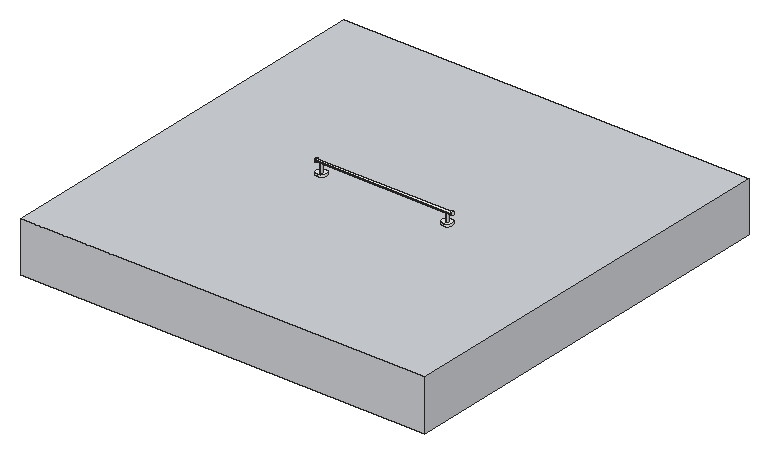
Revit family
Parameters
  URL = "http://caroma.com.au/bathrooms/bathroom-accessories/liano/liano-single-towel-rail"
  Rail Material = Caroma Chrome
  Model = "Liano Towel Rail - Single"
  Manufacturer = "Caroma"
  Description = "Guaranteed to meet the latest in interior design trends, the complete range of Liano accessories is fit for any style of bathroom. In line with the Liano tradition, the design philosophy is both clean and uncomplicated. With these simple clean lines and minimalist feel the Liano range of accessories will add timeless sophistication to you bathroom."
  Default Elevation = 0 mm
Reference planes
  plane 1 "Center (Front/Back)": y = 0
  plane 2: z = 0
  plane 3 "Center (Left/Right)": x = 0
  plane 4 "Left Revolve": x = -380
  plane 5 "Right Revolve": x = 380
  plane 6 "Left": x = -412.5
  plane 7 "Right": x = 412.5
Forms (mm)
  Extrusion 1, solid
    sketch origin (0, 0, 0) x (1, 0, 0) y (0, 1, 0)
      loop
        line (-1219.2, 1219.2) -> (-1219.2, -1219.2) -> (1219.2, -1219.2) -> (1219.2, 1219.2) -> (-1219.2, 1219.2)
    from 0 to -304.8
  Revolve 2, solid, material "Caroma Chrome" <- "Rail Material"
    sketch origin (-380, 0, 0) x (0, 1, 0) y (0, 0, 1)
      loop
        line (-29.872, 9) -> (-29.872, 0) -> (0, 0) -> (0, 64.247) -> (-5.915, 64.247) -> (-5.915, 9) -> (-29.872, 9)
      axis (0, 64.247) -> (0, 0)
    angle from 0 to 360
  Extrusion 3, solid, material "Caroma Chrome" <- "Rail Material"
    sketch origin (-412.5, 0, 0) x (0, -1, 0) y (0, 0, 1)
      loop
        circle (0, 65) r 8.863
    from 0 to -5
  Extrusion 4, solid, material "Caroma Chrome" <- "Rail Material"
    sketch origin (-412.5, 0, 0) x (0, -1, 0) y (0, 0, 1)
      loop
        circle (0, 65) r 7
    from 0 to -820
  Revolve 5, solid, material "Caroma Chrome" <- "Rail Material"
    sketch origin (380, 0, 0) x (0, 1, 0) y (0, 0, -1)
      loop
        line (-29.872, -9) -> (-5.915, -9) -> (-5.915, -64.247) -> (0, -64.247) -> (0, 0) -> (-29.872, 0) -> (-29.872, -9)
      axis (0, -64.247) -> (0, 0)
    angle from 0 to 360
  Extrusion 6, solid, material "Caroma Chrome" <- "Rail Material"
    sketch origin (412.5, 0, 0) x (0, -1, 0) y (0, 0, -1)
      loop
        circle (0, -65) r 8.863
    from 0 to -5
Lines and regions (mm)
  Masking region 1
    outline origin (0, 0, 0) x (1, 0, 0) y (0, 0, 1)
      loop
        line (-409.859, 9) -> (-409.859, 0) -> (-350.128, 0) -> (-350.128, 9) -> (-374.084, 9) -> (-374.084, 58) -> (374.085, 58) -> (374.085, 9) -> (350.141, 9) -> (350.141, 0) -> (409.872, 0) -> (409.872, 9) -> (385.916, 9) -> (385.916, 58) -> (407.5, 58) -> (407.5, 56.137) -> (412.5, 56.137) -> (412.5, 73.863) -> (407.5, 73.863) -> (407.5, 72) -> (-407.5, 72) -> (-407.5, 73.863) -> (-412.5, 73.863) -> (-412.5, 56.137) -> (-407.5, 56.137) -> (-407.5, 58) -> (-385.915, 58) -> (-385.915, 9) -> (-409.859, 9)
  Masking region 2
    outline origin (-412.5, 0, 0) x (0, -1, 0) y (0, 0, 1)
      loop
        line (-29.872, 0) -> (29.872, 0) -> (29.872, 9) -> (5.915, 9) -> (5.915, 58.4)
        arc (5.915, 58.4) -> (0, 73.863) -> (-5.915, 58.4) r 8.863
        line (-5.915, 58.4) -> (-5.915, 9) -> (-29.872, 9) -> (-29.872, 0)
  Masking region 3
    outline origin (0, 0, 0) x (1, 0, 0) y (0, 1, 0)
      loop
        line (-408.527, 8.863) -> (-412.5, 8.863) -> (-412.5, -8.863) -> (-408.527, -8.863)
        arc (-408.527, -8.863) -> (-379.034, -29.856) -> (-350.96, -7) r 29.872
        line (-350.96, -7) -> (350.96, -7)
        arc (350.96, -7) -> (379.034, -29.856) -> (408.527, -8.863) r 29.872
        line (408.527, -8.863) -> (412.5, -8.863) -> (412.5, 8.863) -> (408.527, 8.863)
        arc (408.527, 8.863) -> (379.034, 29.856) -> (350.96, 7) r 29.872
        line (350.96, 7) -> (-350.96, 7)
        arc (-350.96, 7) -> (-379.034, 29.856) -> (-408.527, 8.863) r 29.872
  symbolic lines, style "Caroma Bathroom Accessories"
    curve 1: line (-385.915, 0, 9) -> (-374.084, 0, 9)
    curve 2: line (-407.5, 0, 72) -> (-407.5, 0, 58)
    curve 3: line (-374.084, 0, 58) -> (-385.915, 0, 58)
    curve 4: line (385.915, 0, 9) -> (374.084, 0, 9)
    curve 5: line (407.5, 0, 72) -> (407.5, 0, 58)
    curve 6: line (374.084, 0, 58) -> (385.915, 0, 58)
    curve 7: arc (-412.5, 5.915, 58.4) -> (-412.5, 0, 56.137) -> (-412.5, -5.915, 58.4) r 8.863
    curve 8: line (-412.5, 5.915, 9) -> (-412.5, -5.915, 9)
    curve 9: line (-408.527, 8.863, 0) -> (-407.5, 8.863, 0)
    curve 10: line (-407.5, 8.863, 0) -> (-407.5, -8.863, 0)
    curve 11: line (-407.5, -8.863, 0) -> (-408.527, -8.863, 0)
    curve 12: line (-407.5, 7, 0) -> (-350.96, 7, 0)
    curve 13: line (-350.96, -7, 0) -> (-407.5, -7, 0)
    curve 14: line (408.527, 8.863, 0) -> (407.5, 8.863, 0)
    curve 15: line (407.5, 8.863, 0) -> (407.5, -8.863, 0)
    curve 16: line (407.5, -8.863, 0) -> (408.527, -8.863, 0)
    curve 17: line (407.5, 7, 0) -> (350.96, 7, 0)
    curve 18: line (350.96, -7, 0) -> (407.5, -7, 0)
Dimensions and locks
  aligned and locked: plane 2 to Extrusion 1
  aligned and locked: level to Extrusion 1
